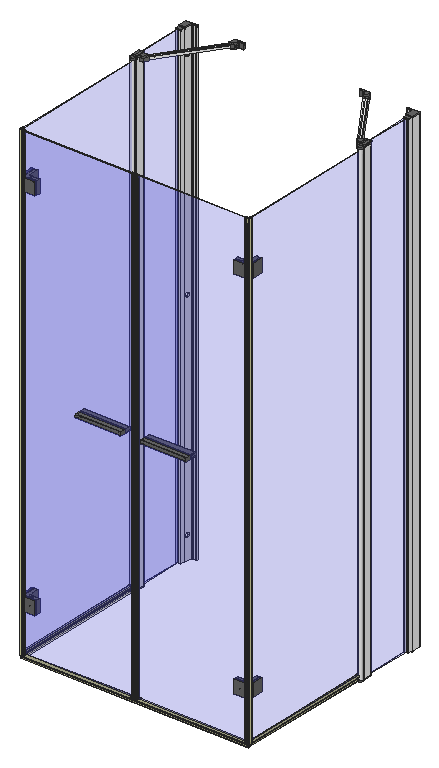
Revit family "D30", category Plumbing Fixtures, Revit 2016 (continued)
Definition of nested family "holder"
  Forms (mm)
    Sweep 2, solid, material <- "Chrome"
      profile origin (-95, 0, 2002) x (-1, 0, 0) y (0, -1, 0)
        loop
          arc (-11.199, -44.36) -> (0.001, -55.56) -> (11.201, -44.36) r 11.2
          line (11.201, -44.36) -> (11.201, -38.554) -> (18.187, -32.692)
    Sweep 3, solid, material <- "Chrome"
      path origin (-95, 0, 0) x (0, -1, 0) y (0, 0, 1)
        loop
          line (-44.447, 2000) -> (-44.447, 1985.8)
      profile origin (-95, 44.447, 1992.9) x (-1, 0, 0) y (0, -1, 0)
        loop
          line (-6.165, -8.719) -> (7.761, -18.469) -> (20.093, -0.858) -> (6.167, 8.893)
          arc (6.167, 8.893) -> (-8.804, 6.253) -> (-6.165, -8.719) r 10.75
    Sweep 4, solid, material <- "Chrome"
      path origin (-347.001, 0, 0) x (0, -1, 0) y (0, 0, 1)
        loop
          line (-224.989, 2003.9) -> (-224.989, 1981.9)
      profile origin (-347.001, 224.989, 1992.9) x (-1, 0, 0) y (0, -1, 0)
        loop
          line (17, -31.874) -> (17, 2.709) -> (10.926, 9.338)
          arc (10.926, 9.338) -> (-6.839, 6.406) -> (3, -8.674) r 10.75
          line (3, -8.674) -> (9, -8.674)
          arc (9, -8.674) -> (9.707, -8.967) -> (10, -9.674) r 1
          line (10, -9.674) -> (10, -30.874)
          arc (10, -30.874) -> (10.293, -31.581) -> (11, -31.874) r 1
          line (11, -31.874) -> (17, -31.874)
    Sweep 5, solid, material <- "Aluminum"
      path origin (-86.339, 12.427, 0) x (1, 0, 0) y (0, 1, 0)
        loop
          line (-249.737, 200.736) -> (-22.588, 41.684)
      profile origin (-222.501, 133.637, 0) x (0.573576, 0.819152, 0) y (0, 0, 1)
        loop
          line (8.5, 1987.8) -> (8.5, 1997.5) -> (5, 1997.5) -> (5, 1995.6) -> (-5, 1995.6) -> (-5, 1997.5) -> (-8.5, 1997.5) -> (-8.5, 1987.8) -> (8.5, 1987.8)
    Sweep 6, solid, material <- "Chrome"
      path origin (-347.001, 0, 0) x (0, -1, 0) y (0, 0, 1)
        loop
          line (-224.989, 2000) -> (-224.989, 1985.8)
      profile origin (-347.001, 224.989, 1992.9) x (-1, 0, 0) y (0, -1, 0)
        loop
          line (8.965, 11.023) -> (-4.76, 20.633) -> (-17.092, 3.021) -> (-3.367, -6.589)
          arc (-3.367, -6.589) -> (11.605, -3.949) -> (8.965, 11.023) r 10.75
    Extrusion 7, void
      sketch origin (0, 0, 0) x (1, 0, 0) y (0, 1, 0)
        loop
          line (-112.585, 33.197) -> (-113.901, 33.197) -> (-113.901, 31.16)
          arc (-113.901, 31.16) -> (-113.714, 32.005) -> (-113.187, 32.692) r 2
          line (-113.187, 32.692) -> (-112.585, 33.197)
      from 1987.8 to 2009.086
    Extrusion 8, void
      sketch origin (-190, 0, 0) x (-1, 0, 0) y (0, -1, 0)
        loop
          line (-112.585, -33.197) -> (-113.187, -32.692)
          arc (-113.187, -32.692) -> (-113.714, -32.005) -> (-113.901, -31.16) r 2
          line (-113.901, -31.16) -> (-113.901, -33.197) -> (-112.585, -33.197)
      from 1987.8 to 2009.086
  Cuts and joins
    Extrusion 7, Extrusion 8 cuts Sweep 1
  Dimensions and locks
    locked: plane 1 "Center (Front/Back)" to plane 5 "bottom handle" at 44.447
    plane 4 "right handle" to plane 3 "Center (Left/Right)" = 95 mm
    aligned and locked: level to plane 2
Definition of nested family "hinge"
  Parameters (values of type "doorknob FORSA")
    Chrome = none
  Reference planes
    plane 1 "Center (Front/Back)": y = 0
    plane 2: z = 0
    plane 3 "Center (Left/Right)": x = 0
    plane 4 "oś": z = 27.075
  Forms (mm)
    Extrusion 1, solid, material <- "Chrome"
      sketch origin (0, 0, 0) x (1, 0, 0) y (0, 1, 0)
        loop
          line (0, 0) -> (0, 41.9) -> (-14.1, 41.9) -> (-14.1, -1.5) -> (-2, -13.6) -> (7, -13.6)
          arc (7, -13.6) -> (11.243, -11.843) -> (13, -7.6) r 6
          line (13, -7.6) -> (13, -6)
          arc (13, -6) -> (11.243, -1.757) -> (7, 0) r 6
          line (7, 0) -> (0, 0)
      from 0 to 54
    Extrusion 2, solid, material <- "Chrome"
      sketch origin (0, 0, 0) x (1, 0, 0) y (0, 0, 1)
        loop
          line (41.9, 54) -> (14, 54) -> (14, 41) -> (1, 41) -> (1, 13) -> (14, 13) -> (14, 0) -> (41.9, 0) -> (41.9, 54)
      from 0 to 14.1
    Extrusion 3, void
      sketch origin (0, 0, 0) x (1, 0, 0) y (0, 0, 1)
        loop
          line (1, 41) -> (1, 13) -> (14, 13) -> (14, 41) -> (1, 41)
      from 0 to 42.974
    Extrusion 4, solid, material <- "Chrome"
      sketch origin (0, 44.476, 0) x (-1, 0, 0) y (0, 0, 1)
        loop
          line (-41.9, 54) -> (-41.9, 0) -> (2, 0) -> (2, 54) -> (-41.9, 54)
      from -67.476 to -65.976
    Extrusion 5, solid, material <- "Chrome"
      sketch origin (0, 0, 0) x (0, 1, 0) y (0, 0, 1)
        loop
          line (41.9, 54) -> (-2.1, 54) -> (-2.1, 0) -> (41.9, 0) -> (41.9, 54)
      from -23 to -21.5
    Extrusion 6, solid, material <- "Chrome"
      sketch origin (0, 44.476, 0) x (-1, 0, 0) y (0, 0, 1)
        loop
          line (-18, 52.5) -> (-37.9, 52.5)
          arc (-37.9, 52.5) -> (-39.668, 51.768) -> (-40.4, 50) r 2.5
          line (-40.4, 50) -> (-40.4, 4)
          arc (-40.4, 4) -> (-39.668, 2.232) -> (-37.9, 1.5) r 2.5
          line (-37.9, 1.5) -> (-18, 1.5)
          arc (-18, 1.5) -> (-16.232, 2.232) -> (-15.5, 4) r 2.5
          line (-15.5, 4) -> (-15.5, 14.5) -> (-5, 14.5)
          arc (-5, 14.5) -> (-3.232, 15.232) -> (-2.5, 17) r 2.5
          line (-2.5, 17) -> (-2.5, 37)
          arc (-2.5, 37) -> (-3.232, 38.768) -> (-5, 39.5) r 2.5
          line (-5, 39.5) -> (-15.5, 39.5) -> (-15.5, 50)
          arc (-15.5, 50) -> (-16.232, 51.768) -> (-18, 52.5) r 2.5
      from -59.576 to -58.576
    Extrusion 7, solid, material <- "Chrome"
      sketch origin (0, 0, 0) x (0, 1, 0) y (0, 0, 1)
        loop
          line (37.9, 52.5) -> (2.5, 52.5)
          arc (2.5, 52.5) -> (0.732, 51.768) -> (0, 50) r 2.5
          line (0, 50) -> (0, 4)
          arc (0, 4) -> (0.732, 2.232) -> (2.5, 1.5) r 2.5
          line (2.5, 1.5) -> (37.9, 1.5)
          arc (37.9, 1.5) -> (39.668, 2.232) -> (40.4, 4) r 2.5
          line (40.4, 4) -> (40.4, 50)
          arc (40.4, 50) -> (39.668, 51.768) -> (37.9, 52.5) r 2.5
      from -15.1 to -14.1
    Revolve 8, solid, material <- "Chrome"
      sketch origin (0, 0, 27.075) x (-1, 0, 0) y (0, -1, 0)
        loop
          line (20.414, -30.3) -> (20.414, -22.297) -> (21.5, -22.297) -> (21.5, -19.9) -> (15.1, -19.9) -> (15.1, -22.886) -> (16.1, -22.886) -> (16.1, -28.155) -> (16.902, -28.155) -> (20, -31.254) -> (20.414, -30.3)
        axis (21.5, -19.9) -> (15.1, -19.9)
      angle from 0 to 360
    Revolve 9, solid, material <- "Chrome"
      sketch origin (39.766, 0, 27.075) x (0, -1, 0) y (1, 0, 0)
        loop
          line (20.414, -30.3) -> (20.414, -22.297) -> (21.5, -22.297) -> (21.5, -19.9) -> (15.1, -19.9) -> (15.1, -22.886) -> (16.1, -22.886) -> (16.1, -28.155) -> (16.902, -28.155) -> (20, -31.254) -> (20.414, -30.3)
        axis (21.5, -19.9) -> (15.1, -19.9)
      angle from 0 to 360
  Cuts and joins
    Extrusion 3 cuts Extrusion 1
  Dimensions and locks
    aligned and locked: level to plane 2
Types (6, lengths in mm): name | A | A1 | B
  900x900 | 900 | 594 | 900
  700x800 | 700 | 394 | 800
  750x900 | 750 | 444 | 900
  800x900 | 800 | 494 | 900
  800x1000 | 800 | 494 | 1000
  900x1000 | 900 | 594 | 1000
